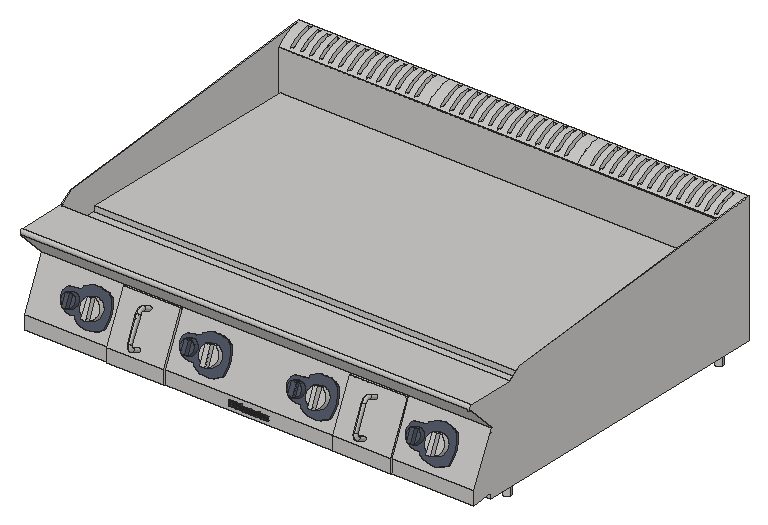
Revit family "QF_ELECTROLUXPROFESSIONAL_391405_E9IIMDAOMIA", category Specialty Equipment, Revit 2018
Family settings
  Round Connector Dimension = Use Diameter
  Part Type = Normal
  Work Plane-Based = No
  Always vertical = Yes
  Cut with Voids When Loaded = No
  Shared = No
  Room Calculation Point = No
Parameters
  Width = 1200 mm
  Weight in Pounds = 150  # constant formula
  Watts = 0 W
  Volts = 400 V
  URL Cutsheet = "www.electrolux.com"
  URL = "www.electrolux.com"
  Type Mark [instance] = ""
  Status [instance] = ""
  Specification by User [instance] = ""
  Specification by Manufacturer = ""
  Show Logo [instance] = yes
  Show Clearance [instance] = yes
  Serial Number = ""
  Seismic Rating = ""
  SMACNA No = ""
  Revision Code [instance] = ""
  Phase = 3
  Omniclass Number and Title = ""
  Number of Poles = 1
  NAFEM Spec ID Number = ""
  Model = "391223"
  Min Ckt Ampacity [instance] = 0 A
  Max Overcurrent Protection = 0 A
  Masterspec = ""
  Manufacturer = "ELECTROLUX"
  Item Number [instance] = ""
  Installed By [instance] = ""
  Identify Quantity as Lot [instance] = yes
  HP = "26.8 HP"
  Furnished By [instance] = ""
  Foodservice Equipment Identifier [instance] = yes
  FL Amps = if(Phase = 3, Watts / (Volts * 1.73), Watts / Volts)  # 0 A
  Electrical Remarks = "400 V/3N ph/50/60 Hz"  # constant formula
  Electric Connection Type [instance] = ""
  Elec Conn RI Height [instance] = 0 mm
  Elec Conn Connection Height [instance] = 0 mm
  Direct Waste Size = 0"
  Description = "900XP ELECTRIC FRY TOP, 2/3 SMOOTH - 1/3 RIBBED SLOPED PLATE, MILD STEEL HP - 1200MM"
  Depth = 930 mm
  Cycle = if([60 Hertz Option], 60 Hz, 50 Hz)  # 50 Hz
  Conn Plug = ""
  Conn Conduit = yes
  CSI MasterFormat = ""
  CSI Master Format = ""
  Apparent Power = if(Phase = 3, Volts * FL Amps * 1.73, Volts * FL Amps)  # 0 VA
  60 Hertz Option = not([50 Hertz Option])  # no
  50 Hertz Option = yes
Reference planes
  plane 1 "BACK": y = 0
  plane 2: z = 0
  plane 3 "LEFT": x = 0
  plane 4 "RIGHT": x = 1200
  plane 5 "FRONT": y = -930
  plane 6 "TOP": z = 369
  plane 7 "Center Y": x = 600
  plane 8 "Center X": y = -465
  plane 9: z = 24
  plane 10: x = 1189
  plane 11: x = 11
  plane 12: z = 275
  plane 13: y = -82
  plane 14: y = -790
  plane 15: x = 8
  plane 16: x = 1192
  plane 17: y = -1106
  plane 18: y = -740
  plane 19: y = -654
  plane 20: y = -50
Forms (mm)
  Extrusion 1, solid, material "QF_Finishes_Stainless Steel"
    sketch origin (0, 0, 0) x (0, 1, 0) y (0, 0, 1)
      loop
        line (-795, 275) -> (-922.639, 275)
        arc (-922.639, 275) -> (-929.44, 270.456) -> (-927.844, 262.434) r 7.361
        line (-927.844, 262.434) -> (-857.044, 191.634) -> (-915, 65.714) -> (-915, 30.922) -> (-860.028, 36.7) -> (-860.028, 24) -> (0, 24) -> (0, 215) -> (-795, 215) -> (-795, 275)
    from 0 to 1200
  Extrusion 2, solid, material "QF_Finishes_Stainless Steel"
    sketch origin (0, 0, 0) x (1, 0, 0) y (0, 1, 0)
      loop
        circle (11, -82) r 9.525
      loop
        circle (11, -790) r 9.525
      loop
        circle (1189, -82) r 9.525
      loop
        circle (1189, -790) r 9.525
    from 0 to 24
  Extrusion 3, solid, material "QF_Finishes_Navy Blue", visible <- "Show Logo"
    sketch origin (201.023, -915, 33.59) x (0, 0, 1) y (-1, 0, 0)
      loop
        line (20.486, -355.047) -> (8.12, -355.047)
        arc (8.12, -355.047) -> (14.303, -359.618) -> (20.486, -355.047) r 6.467
      loop
        arc (20.486, -354.418) -> (19.317, -349.275) -> (14.662, -346.797) r 6.338
        line (14.662, -346.797) -> (14.662, -348.843)
        arc (14.662, -348.843) -> (16.145, -352.498) -> (19.591, -354.418) r 5.941
        line (19.591, -354.418) -> (20.486, -354.418)
      loop
        arc (9.015, -354.418) -> (12.461, -352.498) -> (13.945, -348.843) r 5.941
        line (13.945, -348.843) -> (13.945, -346.797)
        arc (13.945, -346.797) -> (9.25, -349.271) -> (7.961, -354.418) r 6.504
        line (7.961, -354.418) -> (9.015, -354.418)
      loop
        line (21.161, -346.328) -> (7.417, -346.328) -> (7.417, -360.091) -> (21.161, -360.091) -> (21.161, -346.328)
      loop
        arc (21.245, -363.058) -> (20.897, -362.701) -> (20.53, -363.039) r 0.358
        arc (20.53, -363.039) -> (20.216, -363.789) -> (19.499, -364.174) r 1.216
        line (19.499, -364.174) -> (9.087, -364.174)
        arc (9.087, -364.174) -> (8.427, -363.896) -> (8.031, -363.3) r 1.238
        arc (8.031, -363.3) -> (7.636, -363.049) -> (7.33, -363.403) r 0.358
        line (7.33, -363.403) -> (7.33, -373.282) -> (10.081, -373.282) -> (10.081, -372.385)
        arc (10.081, -372.385) -> (9.172, -371.805) -> (8.717, -370.828) r 1.928
        line (8.717, -370.828) -> (8.717, -368.329)
        arc (8.717, -368.329) -> (8.992, -367.6) -> (9.681, -367.236) r 1.101
        line (9.681, -367.236) -> (13.767, -367.236) -> (13.767, -370.909)
        arc (13.767, -370.909) -> (13.415, -371.407) -> (12.849, -371.634) r 1.083
        arc (12.849, -371.634) -> (12.586, -371.94) -> (12.878, -372.218) r 0.292
        line (12.878, -372.218) -> (15.84, -372.218)
        arc (15.84, -372.218) -> (16.143, -371.945) -> (15.904, -371.615) r 0.305
        arc (15.904, -371.615) -> (15.414, -371.367) -> (15.109, -370.909) r 1.083
        line (15.109, -370.909) -> (15.109, -367.236) -> (19.786, -367.236) -> (19.786, -370.983)
        arc (19.786, -370.983) -> (19.572, -371.739) -> (18.965, -372.237) r 1.314
        arc (18.965, -372.237) -> (18.746, -372.641) -> (19.101, -372.933) r 0.361
        line (19.101, -372.933) -> (21.245, -372.933) -> (21.245, -363.058)
      loop
        arc (20.528, -373.714) -> (20.147, -374.633) -> (19.229, -375.013) r 1.299
        line (19.229, -375.013) -> (9.65, -375.013)
        arc (9.65, -375.013) -> (8.812, -374.635) -> (8.54, -373.757) r 1.118
        line (8.54, -373.757) -> (7.33, -373.757) -> (7.33, -379.107) -> (8.519, -379.107)
        arc (8.519, -379.107) -> (8.79, -378.19) -> (9.66, -377.794) r 1.153
        line (9.66, -377.794) -> (21.733, -377.794) -> (20.528, -373.714)
      loop
        line (12.295, -381.743) -> (12.295, -388.191) -> (13.094, -388.191)
        arc (13.094, -388.191) -> (15.675, -387.206) -> (16.943, -384.752) r 3.874
        line (16.943, -384.752) -> (16.943, -382.992)
        arc (16.943, -382.992) -> (15.757, -380.127) -> (12.892, -378.941) r 4.051
        line (12.892, -378.941) -> (10.884, -378.941)
        arc (10.884, -378.941) -> (8.066, -380.426) -> (7.014, -383.433) r 4.352
        arc (7.014, -383.433) -> (7.378, -385.896) -> (8.756, -387.97) r 5.713
        line (8.756, -387.97) -> (9.705, -387.97)
        arc (9.705, -387.97) -> (8.972, -386.401) -> (8.756, -384.683) r 5.579
        arc (8.756, -384.683) -> (9.55, -382.72) -> (11.429, -381.743) r 3.057
        line (11.429, -381.743) -> (12.295, -381.743)
      loop
        line (13.554, -381.743) -> (13.554, -385.325)
        arc (13.554, -385.325) -> (15.011, -385.372) -> (15.894, -384.213) r 1.59
        line (15.894, -384.213) -> (15.894, -383.383)
        arc (15.894, -383.383) -> (15.03, -382.128) -> (13.554, -381.743) r 2.184
      loop
        arc (16.345, -397.608) -> (16.834, -395.934) -> (16.992, -394.197) r 9.023
        line (16.992, -394.197) -> (16.992, -392.835)
        arc (16.992, -392.835) -> (15.832, -390.035) -> (13.033, -388.876) r 3.959
        line (13.033, -388.876) -> (10.432, -388.876)
        arc (10.432, -388.876) -> (8.151, -390.168) -> (7.033, -392.541) r 4.331
        line (7.033, -392.541) -> (7.033, -394.676)
        arc (7.033, -394.676) -> (7.542, -396.226) -> (8.463, -397.572) r 5.772
        arc (8.463, -397.572) -> (9.225, -397.623) -> (9.311, -396.864) r 0.553
        arc (9.311, -396.864) -> (8.924, -396.13) -> (8.79, -395.311) r 2.573
        line (8.79, -395.311) -> (8.79, -393.796)
        arc (8.79, -393.796) -> (9.796, -392.154) -> (11.61, -391.512) r 2.884
        line (11.61, -391.512) -> (12.889, -391.512)
        arc (12.889, -391.512) -> (14.71, -392.072) -> (15.637, -393.737) r 2.554
        line (15.637, -393.737) -> (15.637, -394.79)
        arc (15.637, -394.79) -> (15.305, -395.718) -> (14.648, -396.453) r 2.564
        arc (14.648, -396.453) -> (14.427, -397.17) -> (15.036, -397.608) r 0.643
        line (15.036, -397.608) -> (16.345, -397.608)
      loop
        line (15.327, -397.878) -> (15.327, -399.379) -> (9.279, -399.379)
        arc (9.279, -399.379) -> (7.691, -400.037) -> (7.033, -401.625) r 2.246
        line (7.033, -401.625) -> (7.033, -403.209)
        arc (7.033, -403.209) -> (7.347, -404.073) -> (7.848, -404.845) r 4.06
        arc (7.848, -404.845) -> (8.58, -404.978) -> (8.832, -404.277) r 0.576
        arc (8.832, -404.277) -> (8.726, -403.751) -> (8.79, -403.219) r 1.69
        arc (8.79, -403.219) -> (9.331, -402.431) -> (10.238, -402.128) r 1.506
        line (10.238, -402.128) -> (15.376, -402.128) -> (15.376, -404.525) -> (15.932, -405.081) -> (16.754, -405.081) -> (16.754, -402.222) -> (19.985, -402.222) -> (15.327, -397.878)
      loop
        line (7.251, -405.979) -> (7.251, -411.366) -> (8.361, -411.366)
        arc (8.361, -411.366) -> (8.755, -410.415) -> (9.706, -410.021) r 1.345
        line (9.706, -410.021) -> (13.322, -410.021)
        arc (13.322, -410.021) -> (14.087, -410.613) -> (14.376, -411.535) r 1.615
        line (14.376, -411.535) -> (14.376, -413.091) -> (16.932, -413.776) -> (16.932, -412.393) -> (14.989, -409.834) -> (16.87, -409.834) -> (16.585, -407.128)
        arc (16.585, -407.128) -> (16.146, -406.598) -> (15.487, -406.799) r 0.621
        arc (15.487, -406.799) -> (15.086, -407.141) -> (14.592, -407.324) r 1.501
        line (14.592, -407.324) -> (9.706, -407.324)
        arc (9.706, -407.324) -> (8.755, -406.93) -> (8.361, -405.979) r 1.345
        line (8.361, -405.979) -> (7.251, -405.979)
      loop
        line (13.353, -413.313) -> (10.66, -413.313)
        arc (10.66, -413.313) -> (8.215, -414.621) -> (7.081, -417.151) r 4.288
        arc (7.081, -417.151) -> (7.018, -418.532) -> (7.081, -419.912) r 15.022
        arc (7.081, -419.912) -> (8.215, -422.443) -> (10.66, -423.75) r 4.288
        line (10.66, -423.75) -> (13.353, -423.75)
        arc (13.353, -423.75) -> (15.798, -422.443) -> (16.932, -419.912) r 4.288
        arc (16.932, -419.912) -> (16.996, -418.532) -> (16.932, -417.151) r 15.022
        arc (16.932, -417.151) -> (15.798, -414.621) -> (13.353, -413.313) r 4.288
      loop
        line (13.557, -416.427) -> (10.456, -416.427)
        arc (10.456, -416.427) -> (8.299, -418.584) -> (10.456, -420.741) r 2.157
        line (10.456, -420.741) -> (13.557, -420.741)
        arc (13.557, -420.741) -> (15.714, -418.584) -> (13.557, -416.427) r 2.157
      loop
        arc (20.538, -423.608) -> (20.168, -424.502) -> (19.274, -424.873) r 1.264
        line (19.274, -424.873) -> (9.409, -424.873)
        arc (9.409, -424.873) -> (8.539, -424.476) -> (8.268, -423.56) r 1.153
        line (8.268, -423.56) -> (7.33, -423.56) -> (7.33, -428.668) -> (8.259, -428.668)
        arc (8.259, -428.668) -> (8.618, -427.896) -> (9.409, -427.581) r 1.153
        line (9.409, -427.581) -> (21.733, -427.581) -> (20.538, -423.608)
      loop
        arc (15.658, -428.206) -> (15.459, -429.27) -> (14.49, -429.752) r 1.215
        line (14.49, -429.752) -> (9.47, -429.752)
        arc (9.47, -429.752) -> (7.856, -430.399) -> (7.135, -431.982) r 2.338
        line (7.135, -431.982) -> (7.135, -433.497)
        arc (7.135, -433.497) -> (7.309, -434.501) -> (7.812, -435.387) r 2.979
        line (7.812, -435.387) -> (7.33, -437.184) -> (7.33, -438.872) -> (16.756, -438.872) -> (16.462, -434.669) -> (15.675, -434.669)
        arc (15.675, -434.669) -> (15.32, -435.505) -> (14.567, -436.014) r 1.605
        line (14.567, -436.014) -> (9.465, -436.014)
        arc (9.465, -436.014) -> (9.044, -435.077) -> (8.972, -434.053) r 2.94
        arc (8.972, -434.053) -> (9.532, -432.952) -> (10.686, -432.509) r 1.724
        line (10.686, -432.509) -> (16.882, -432.509) -> (15.658, -428.206)
      loop
        line (16.687, -439.726) -> (15.014, -441.772) -> (11.841, -444.078) -> (8.384, -440.966)
        arc (8.384, -440.966) -> (8.147, -440.572) -> (8.169, -440.113) r 0.789
        line (8.169, -440.113) -> (7.33, -440.113) -> (7.33, -443.658) -> (8.157, -443.658)
        arc (8.157, -443.658) -> (8.499, -443.296) -> (8.989, -443.388) r 0.52
        line (8.989, -443.388) -> (10.789, -444.859) -> (8.67, -446.235)
        arc (8.67, -446.235) -> (8.269, -445.925) -> (8.183, -445.425) r 0.7
        line (8.183, -445.425) -> (7.33, -445.425) -> (7.33, -451.352) -> (8.217, -451.352)
        arc (8.217, -451.352) -> (8.284, -450.693) -> (8.679, -450.162) r 1.247
        line (8.679, -450.162) -> (12.878, -446.881) -> (15.326, -448.934) -> (16.687, -450.676) -> (16.687, -446.952) -> (15.202, -447.375) -> (13.68, -446.098) -> (15.38, -444.908) -> (16.687, -445.684) -> (16.687, -439.726)
    from 0 to 1.644
  Extrusion 4, solid, material "QF_Finishes_Stainless Steel"
    sketch origin (0, 0, 0) x (0, 1, 0) y (0, 0, 1)
      loop
        line (0, 215) -> (0, 369) -> (-761.596, 296.916) -> (-795, 275) -> (-795, 215) -> (0, 215)
    from 0 to 1.6
  Extrusion 5, solid, material "QF_Finishes_Stainless Steel"
    sketch origin (1200, 0, 0) x (0, -1, 0) y (0, 0, 1)
      loop
        line (0, 215) -> (795, 215) -> (795, 275) -> (761.596, 296.916) -> (0, 369) -> (0, 215)
    from 0 to 1.6
  Extrusion 6, solid, material "QF_Finishes_Stainless Steel"
    sketch origin (0, 0, 37.263) x (0, 1, 0) y (0, 0, 1)
      loop
        line (0, 300.038) -> (0, 331.738)
        arc (0, 331.738) -> (-37.941, 322.534) -> (-69.85, 300.038) r 104.419
        line (-69.85, 300.038) -> (0, 300.038)
    from 0 to 400.05
  Extrusion 7, void
    sketch origin (0, 0, 311.9) x (0, -1, 0) y (1, 0, 0)
      loop
        line (6.761, 29.703) -> (63.911, 29.703) -> (63.911, 38.999) -> (6.761, 38.999) -> (6.761, 29.703)
      loop
        line (63.911, 64.487) -> (6.761, 64.487) -> (6.761, 55.191) -> (63.911, 55.191) -> (63.911, 64.487)
      loop
        line (63.911, 89.975) -> (6.761, 89.975) -> (6.761, 80.68) -> (63.911, 80.68) -> (63.911, 89.975)
      loop
        line (63.911, 115.464) -> (6.761, 115.464) -> (6.761, 106.168) -> (63.911, 106.168) -> (63.911, 115.464)
      loop
        line (63.911, 140.952) -> (6.761, 140.952) -> (6.761, 131.656) -> (63.911, 131.656) -> (63.911, 140.952)
      loop
        line (63.911, 166.44) -> (6.761, 166.44) -> (6.761, 157.145) -> (63.911, 157.145) -> (63.911, 166.44)
      loop
        line (63.911, 191.929) -> (6.761, 191.929) -> (6.761, 182.633) -> (63.911, 182.633) -> (63.911, 191.929)
      loop
        line (63.911, 217.417) -> (6.761, 217.417) -> (6.761, 208.121) -> (63.911, 208.121) -> (63.911, 217.417)
      loop
        line (63.911, 242.905) -> (6.761, 242.905) -> (6.761, 233.61) -> (63.911, 233.61) -> (63.911, 242.905)
      loop
        line (63.911, 268.394) -> (6.761, 268.394) -> (6.761, 259.098) -> (63.911, 259.098) -> (63.911, 268.394)
      loop
        line (63.911, 293.882) -> (6.761, 293.882) -> (6.761, 284.586) -> (63.911, 284.586) -> (63.911, 293.882)
      loop
        line (63.911, 319.37) -> (6.761, 319.37) -> (6.761, 310.075) -> (63.911, 310.075) -> (63.911, 319.37)
      loop
        line (63.911, 344.859) -> (6.761, 344.859) -> (6.761, 335.563) -> (63.911, 335.563) -> (63.911, 344.859)
      loop
        line (63.911, 370.347) -> (6.761, 370.347) -> (6.761, 361.051) -> (63.911, 361.051) -> (63.911, 370.347)
    from 27.825 to 63.5
  Extrusion 8, solid, material "QF_Finishes_Stainless Steel"
    sketch origin (400.05, 0, 37.263) x (0, 1, 0) y (0, 0, 1)
      loop
        line (0, 300.038) -> (0, 331.738)
        arc (0, 331.738) -> (-37.941, 322.534) -> (-69.85, 300.038) r 104.419
        line (-69.85, 300.038) -> (0, 300.038)
    from 0 to 400.05
  Extrusion 9, void
    sketch origin (400.05, 0, 311.9) x (0, -1, 0) y (1, 0, 0)
      loop
        line (6.761, 29.703) -> (63.911, 29.703) -> (63.911, 38.999) -> (6.761, 38.999) -> (6.761, 29.703)
      loop
        line (63.911, 64.487) -> (6.761, 64.487) -> (6.761, 55.191) -> (63.911, 55.191) -> (63.911, 64.487)
      loop
        line (63.911, 89.975) -> (6.761, 89.975) -> (6.761, 80.68) -> (63.911, 80.68) -> (63.911, 89.975)
      loop
        line (63.911, 115.464) -> (6.761, 115.464) -> (6.761, 106.168) -> (63.911, 106.168) -> (63.911, 115.464)
      loop
        line (63.911, 140.952) -> (6.761, 140.952) -> (6.761, 131.656) -> (63.911, 131.656) -> (63.911, 140.952)
      loop
        line (63.911, 166.44) -> (6.761, 166.44) -> (6.761, 157.145) -> (63.911, 157.145) -> (63.911, 166.44)
      loop
        line (63.911, 191.929) -> (6.761, 191.929) -> (6.761, 182.633) -> (63.911, 182.633) -> (63.911, 191.929)
      loop
        line (63.911, 217.417) -> (6.761, 217.417) -> (6.761, 208.121) -> (63.911, 208.121) -> (63.911, 217.417)
      loop
        line (63.911, 242.905) -> (6.761, 242.905) -> (6.761, 233.61) -> (63.911, 233.61) -> (63.911, 242.905)
      loop
        line (63.911, 268.394) -> (6.761, 268.394) -> (6.761, 259.098) -> (63.911, 259.098) -> (63.911, 268.394)
      loop
        line (63.911, 293.882) -> (6.761, 293.882) -> (6.761, 284.586) -> (63.911, 284.586) -> (63.911, 293.882)
      loop
        line (63.911, 319.37) -> (6.761, 319.37) -> (6.761, 310.075) -> (63.911, 310.075) -> (63.911, 319.37)
      loop
        line (63.911, 344.859) -> (6.761, 344.859) -> (6.761, 335.563) -> (63.911, 335.563) -> (63.911, 344.859)
      loop
        line (63.911, 370.347) -> (6.761, 370.347) -> (6.761, 361.051) -> (63.911, 361.051) -> (63.911, 370.347)
    from 27.825 to 63.5
  Extrusion 10, solid, material "QF_Finishes_Stainless Steel"
    sketch origin (800.1, 0, 37.263) x (0, 1, 0) y (0, 0, 1)
      loop
        line (0, 300.038) -> (0, 331.738)
        arc (0, 331.738) -> (-37.941, 322.534) -> (-69.85, 300.038) r 104.419
        line (-69.85, 300.038) -> (0, 300.038)
    from 0 to 399.9
  Extrusion 11, void
    sketch origin (800.1, 0, 311.9) x (0, -1, 0) y (1, 0, 0)
      loop
        line (6.761, 29.703) -> (63.911, 29.703) -> (63.911, 38.999) -> (6.761, 38.999) -> (6.761, 29.703)
      loop
        line (63.911, 64.487) -> (6.761, 64.487) -> (6.761, 55.191) -> (63.911, 55.191) -> (63.911, 64.487)
      loop
        line (63.911, 89.975) -> (6.761, 89.975) -> (6.761, 80.68) -> (63.911, 80.68) -> (63.911, 89.975)
      loop
        line (63.911, 115.464) -> (6.761, 115.464) -> (6.761, 106.168) -> (63.911, 106.168) -> (63.911, 115.464)
      loop
        line (63.911, 140.952) -> (6.761, 140.952) -> (6.761, 131.656) -> (63.911, 131.656) -> (63.911, 140.952)
      loop
        line (63.911, 166.44) -> (6.761, 166.44) -> (6.761, 157.145) -> (63.911, 157.145) -> (63.911, 166.44)
      loop
        line (63.911, 191.929) -> (6.761, 191.929) -> (6.761, 182.633) -> (63.911, 182.633) -> (63.911, 191.929)
      loop
        line (63.911, 217.417) -> (6.761, 217.417) -> (6.761, 208.121) -> (63.911, 208.121) -> (63.911, 217.417)
      loop
        line (63.911, 242.905) -> (6.761, 242.905) -> (6.761, 233.61) -> (63.911, 233.61) -> (63.911, 242.905)
      loop
        line (63.911, 268.394) -> (6.761, 268.394) -> (6.761, 259.098) -> (63.911, 259.098) -> (63.911, 268.394)
      loop
        line (63.911, 293.882) -> (6.761, 293.882) -> (6.761, 284.586) -> (63.911, 284.586) -> (63.911, 293.882)
      loop
        line (63.911, 319.37) -> (6.761, 319.37) -> (6.761, 310.075) -> (63.911, 310.075) -> (63.911, 319.37)
      loop
        line (63.911, 344.859) -> (6.761, 344.859) -> (6.761, 335.563) -> (63.911, 335.563) -> (63.911, 344.859)
      loop
        line (63.911, 370.347) -> (6.761, 370.347) -> (6.761, 361.051) -> (63.911, 361.051) -> (63.911, 370.347)
    from 27.825 to 63.5
  Extrusion 12, solid, material "QF_Finishes_Stainless Steel"
    sketch origin (0, 0, 0) x (0, 1, 0) y (0, 0, 1)
      loop
        line (-71.515, 230) -> (-689.956, 230) -> (-689.956, 215) -> (-71.515, 215) -> (-71.515, 230)
    from 8 to 1192
  Extrusion 13, solid, material "QF_Finishes_Stainless Steel"
    sketch origin (0, -795, 215) x (0, 1, 0) y (-1, 0, 0)
      loop
        line (795, -1.6) -> (723.485, -1.6) -> (723.485, -1198.4) -> (795, -1198.4) -> (795, -1.6)
    from 0 to 122.3
  Extrusion 14, solid, material "QF_Finishes_Stainless Steel"
    sketch origin (221.15, -201.228, -3.289) x (0, 1, 0) y (0, 0, 1)
      loop
        line (-657.416, 191.447) -> (-660.323, 192.784) -> (-716.972, 69.704) -> (-716.972, 34.211) -> (-713.772, 34.211) -> (-713.772, 69.003) -> (-657.416, 191.447)
    from 0 to 153.85
  Extrusion 15, solid, material "QF_Door-Drawer Clearances", visible <- "Show Clearance", detail levels coarse
    sketch origin (221.15, -201.228, -3.289) x (0, 1, 0) y (0, 0, 1)
      loop
        line (-660.323, 192.784) -> (-823.717, 192.784) -> (-880.366, 69.704) -> (-880.366, 34.211) -> (-716.972, 34.211) -> (-716.972, 69.704) -> (-660.323, 192.784)
    from 0 to 153.85
  Extrusion 16, solid, material "QF_Finishes_Stainless Steel"
    sketch origin (978.85, -201.228, -3.289) x (0, 1, 0) y (0, 0, -1)
      loop
        line (-657.416, -191.447) -> (-713.772, -69.003) -> (-713.772, -34.211) -> (-716.972, -34.211) -> (-716.972, -69.704) -> (-660.323, -192.784) -> (-657.416, -191.447)
    from 0 to 153.85
  Extrusion 17, solid, material "QF_Door-Drawer Clearances", visible <- "Show Clearance", detail levels coarse
    sketch origin (978.85, -201.228, -3.289) x (0, 1, 0) y (0, 0, -1)
      loop
        line (-660.323, -192.784) -> (-716.972, -69.704) -> (-716.972, -34.211) -> (-880.366, -34.211) -> (-880.366, -69.704) -> (-823.717, -192.784) -> (-660.323, -192.784)
    from 0 to 153.85
  Extrusion 18, solid, material "QF_Finishes_Navy Blue"
    sketch origin (-58.715, -915.512, 64.603) x (0, 0.418102, 0.9084) y (-1, 0, 0)
      loop
        arc (104.355, -502.587) -> (101.326, -501.258) -> (98.25, -500.039) r 91.066
        arc (98.25, -500.039) -> (96.592, -482.449) -> (93.213, -465.107) r 179.528
        arc (93.213, -465.107) -> (69.244, -452.795) -> (45.274, -465.107) r 29.489
        arc (45.274, -465.107) -> (38.909, -481.441) -> (37.449, -498.912) r 61.044
        arc (37.449, -498.912) -> (34.471, -499.962) -> (31.532, -501.116) r 91.066
        arc (31.532, -501.116) -> (19.517, -540.223) -> (32.929, -578.873) r 65.817
        arc (32.929, -578.873) -> (68.105, -585.173) -> (102.996, -577.452) r 91.066
        arc (102.996, -577.452) -> (115.418, -540.233) -> (104.355, -502.587) r 65.546
    from 0 to 3.175
  Extrusion 19, solid, material "QF_Finishes_Stainless Steel"
    sketch origin (320.035, -919.225, 64.128) x (0, 0.418102, 0.9084) y (-1, 0, 0)
      loop
        circle (68.826, -160.963) r 25.4
    from 0 to 12.7
  Extrusion 20, solid, material "QF_Finishes_Stainless Steel"
    sketch origin (320.035, -930.762, 69.438) x (0, 0.418102, 0.9084) y (-1, 0, 0)
      loop
        arc (93.558, -166.749) -> (94.226, -160.963) -> (93.558, -155.177) r 25.4
        line (93.558, -155.177) -> (44.094, -155.177)
        arc (44.094, -155.177) -> (43.426, -160.963) -> (44.094, -166.749) r 25.4
        line (44.094, -166.749) -> (93.558, -166.749)
    from 0 to 12.7
  Extrusion 21, solid, material "QF_Finishes_Navy Blue"
    sketch origin (262.535, -919.225, 64.128) x (0, 0.418102, 0.9084) y (-1, 0, 0)
      loop
        circle (68.826, -160.963) r 18.37
    from 0 to 12.7
  Extrusion 22, solid, material "QF_Finishes_Navy Blue"
    sketch origin (261.244, -930.762, 69.438) x (0, 0.418102, 0.9084) y (-1, 0, 0)
      loop
        arc (84.808, -167.687) -> (85.476, -161.901) -> (84.808, -156.114) r 25.4
        line (84.808, -156.114) -> (52.844, -156.114)
        arc (52.844, -156.114) -> (52.176, -161.901) -> (52.844, -167.687) r 25.4
        line (52.844, -167.687) -> (84.808, -167.687)
    from 0 to 8.112
  Extrusion 23, solid, material "QF_Finishes_Navy Blue"
    sketch origin (-376.215, -915.512, 64.603) x (0, 0.418102, 0.9084) y (-1, 0, 0)
      loop
        arc (104.355, -502.587) -> (101.326, -501.258) -> (98.25, -500.039) r 91.066
        arc (98.25, -500.039) -> (96.592, -482.449) -> (93.213, -465.107) r 179.528
        arc (93.213, -465.107) -> (69.244, -452.795) -> (45.274, -465.107) r 29.489
        arc (45.274, -465.107) -> (38.909, -481.441) -> (37.449, -498.912) r 61.044
        arc (37.449, -498.912) -> (34.471, -499.962) -> (31.532, -501.116) r 91.066
        arc (31.532, -501.116) -> (19.517, -540.223) -> (32.929, -578.873) r 65.817
        arc (32.929, -578.873) -> (68.105, -585.173) -> (102.996, -577.452) r 91.066
        arc (102.996, -577.452) -> (115.418, -540.233) -> (104.355, -502.587) r 65.546
    from 0 to 3.175
  Extrusion 24, solid, material "QF_Finishes_Stainless Steel"
    sketch origin (2.535, -919.225, 64.128) x (0, 0.418102, 0.9084) y (-1, 0, 0)
      loop
        circle (68.826, -160.963) r 25.4
    from 0 to 12.7
  Extrusion 25, solid, material "QF_Finishes_Stainless Steel"
    sketch origin (2.535, -930.762, 69.438) x (0, 0.418102, 0.9084) y (-1, 0, 0)
      loop
        arc (93.558, -166.749) -> (94.226, -160.963) -> (93.558, -155.177) r 25.4
        line (93.558, -155.177) -> (44.094, -155.177)
        arc (44.094, -155.177) -> (43.426, -160.963) -> (44.094, -166.749) r 25.4
        line (44.094, -166.749) -> (93.558, -166.749)
    from 0 to 12.7
  Extrusion 26, solid, material "QF_Finishes_Navy Blue"
    sketch origin (-54.965, -919.225, 64.128) x (0, 0.418102, 0.9084) y (-1, 0, 0)
      loop
        circle (68.826, -160.963) r 18.37
    from 0 to 12.7
  Extrusion 27, solid, material "QF_Finishes_Navy Blue"
    sketch origin (-56.256, -930.762, 69.438) x (0, 0.418102, 0.9084) y (-1, 0, 0)
      loop
        arc (84.808, -167.687) -> (85.476, -161.901) -> (84.808, -156.114) r 25.4
        line (84.808, -156.114) -> (52.844, -156.114)
        arc (52.844, -156.114) -> (52.176, -161.901) -> (52.844, -167.687) r 25.4
        line (52.844, -167.687) -> (84.808, -167.687)
    from 0 to 8.112
  Extrusion 28, solid, material "QF_Finishes_Navy Blue"
    sketch origin (545.135, -915.512, 64.603) x (0, 0.418102, 0.9084) y (-1, 0, 0)
      loop
        arc (104.355, -502.587) -> (101.326, -501.258) -> (98.25, -500.039) r 91.066
        arc (98.25, -500.039) -> (96.592, -482.449) -> (93.213, -465.107) r 179.528
        arc (93.213, -465.107) -> (69.244, -452.795) -> (45.274, -465.107) r 29.489
        arc (45.274, -465.107) -> (38.909, -481.441) -> (37.449, -498.912) r 61.044
        arc (37.449, -498.912) -> (34.471, -499.962) -> (31.532, -501.116) r 91.066
        arc (31.532, -501.116) -> (19.517, -540.223) -> (32.929, -578.873) r 65.817
        arc (32.929, -578.873) -> (68.105, -585.173) -> (102.996, -577.452) r 91.066
        arc (102.996, -577.452) -> (115.418, -540.233) -> (104.355, -502.587) r 65.546
    from 0 to 3.175
  Extrusion 29, solid, material "QF_Finishes_Stainless Steel"
    sketch origin (923.885, -919.225, 64.128) x (0, 0.418102, 0.9084) y (-1, 0, 0)
      loop
        circle (68.826, -160.963) r 25.4
    from 0 to 12.7
  Extrusion 30, solid, material "QF_Finishes_Stainless Steel"
    sketch origin (923.885, -930.762, 69.438) x (0, 0.418102, 0.9084) y (-1, 0, 0)
      loop
        arc (93.558, -166.749) -> (94.226, -160.963) -> (93.558, -155.177) r 25.4
        line (93.558, -155.177) -> (44.094, -155.177)
        arc (44.094, -155.177) -> (43.426, -160.963) -> (44.094, -166.749) r 25.4
        line (44.094, -166.749) -> (93.558, -166.749)
    from 0 to 12.7
  Extrusion 31, solid, material "QF_Finishes_Navy Blue"
    sketch origin (866.385, -919.225, 64.128) x (0, 0.418102, 0.9084) y (-1, 0, 0)
      loop
        circle (68.826, -160.963) r 18.37
    from 0 to 12.7
  Extrusion 32, solid, material "QF_Finishes_Navy Blue"
    sketch origin (865.094, -930.762, 69.438) x (0, 0.418102, 0.9084) y (-1, 0, 0)
      loop
        arc (84.808, -167.687) -> (85.476, -161.901) -> (84.808, -156.114) r 25.4
        line (84.808, -156.114) -> (52.844, -156.114)
        arc (52.844, -156.114) -> (52.176, -161.901) -> (52.844, -167.687) r 25.4
        line (52.844, -167.687) -> (84.808, -167.687)
    from 0 to 8.112
  Extrusion 33, solid, material "QF_Finishes_Navy Blue"
    sketch origin (227.635, -915.512, 64.603) x (0, 0.418102, 0.9084) y (-1, 0, 0)
      loop
        arc (104.355, -502.587) -> (101.326, -501.258) -> (98.25, -500.039) r 91.066
        arc (98.25, -500.039) -> (96.592, -482.449) -> (93.213, -465.107) r 179.528
        arc (93.213, -465.107) -> (69.244, -452.795) -> (45.274, -465.107) r 29.489
        arc (45.274, -465.107) -> (38.909, -481.441) -> (37.449, -498.912) r 61.044
        arc (37.449, -498.912) -> (34.471, -499.962) -> (31.532, -501.116) r 91.066
        arc (31.532, -501.116) -> (19.517, -540.223) -> (32.929, -578.873) r 65.817
        arc (32.929, -578.873) -> (68.105, -585.173) -> (102.996, -577.452) r 91.066
        arc (102.996, -577.452) -> (115.418, -540.233) -> (104.355, -502.587) r 65.546
    from 0 to 3.175
  Extrusion 34, solid, material "QF_Finishes_Stainless Steel"
    sketch origin (606.385, -919.225, 64.128) x (0, 0.418102, 0.9084) y (-1, 0, 0)
      loop
        circle (68.826, -160.963) r 25.4
    from 0 to 12.7
  Extrusion 35, solid, material "QF_Finishes_Stainless Steel"
    sketch origin (606.385, -930.762, 69.438) x (0, 0.418102, 0.9084) y (-1, 0, 0)
      loop
        arc (93.558, -166.749) -> (94.226, -160.963) -> (93.558, -155.177) r 25.4
        line (93.558, -155.177) -> (44.094, -155.177)
        arc (44.094, -155.177) -> (43.426, -160.963) -> (44.094, -166.749) r 25.4
        line (44.094, -166.749) -> (93.558, -166.749)
    from 0 to 12.7
  Extrusion 36, solid, material "QF_Finishes_Navy Blue"
    sketch origin (548.885, -919.225, 64.128) x (0, 0.418102, 0.9084) y (-1, 0, 0)
      loop
        circle (68.826, -160.963) r 18.37
    from 0 to 12.7
  Extrusion 37, solid, material "QF_Finishes_Navy Blue"
    sketch origin (547.594, -930.762, 69.438) x (0, 0.418102, 0.9084) y (-1, 0, 0)
      loop
        arc (84.808, -167.687) -> (85.476, -161.901) -> (84.808, -156.114) r 25.4
        line (84.808, -156.114) -> (52.844, -156.114)
        arc (52.844, -156.114) -> (52.176, -161.901) -> (52.844, -167.687) r 25.4
        line (52.844, -167.687) -> (84.808, -167.687)
    from 0 to 8.112
  Sweep 38, solid, material "QF_Door-Drawer Clearances", visible <- "Show Clearance", detail levels coarse
    path origin (298.65, -364.622, -3.289) x (0, 1, 0) y (0, 0, 1)
      loop
        line (-670.615, 170.424) -> (-691.243, 179.918)
        arc (-691.243, 179.918) -> (-700.956, 180.294) -> (-708.09, 173.692) r 12.7
        line (-708.09, 173.692) -> (-735.638, 113.839)
        arc (-735.638, 113.839) -> (-736.013, 104.126) -> (-729.411, 96.993) r 12.7
        line (-729.411, 96.993) -> (-708.782, 87.498)
    profile origin (298.65, -1045.551, 171.882) x (0, -0.418102, -0.9084) y (1, 0, 0)
      loop
        circle (0, 0) r 4.572
  Sweep 39, solid, material "QF_Door-Drawer Clearances", visible <- "Show Clearance", detail levels coarse
    path origin (901.35, -364.622, -3.289) x (0, 1, 0) y (0, 0, -1)
      loop
        line (-670.615, -170.424) -> (-691.243, -179.918)
        arc (-691.243, -179.918) -> (-700.956, -180.294) -> (-708.09, -173.692) r 12.7
        line (-708.09, -173.692) -> (-735.638, -113.839)
        arc (-735.638, -113.839) -> (-736.013, -104.126) -> (-729.411, -96.993) r 12.7
        line (-729.411, -96.993) -> (-708.782, -87.498)
    profile origin (901.35, -1045.551, 171.882) x (0, 0.418102, 0.9084) y (-1, 0, 0)
      loop
        circle (0, 0) r 4.572
  Extrusion 40, void
    sketch origin (0, 0, 0) x (1, 0, 0) y (0, 1, 0)
      loop
        circle (299.572, -743.936) r 20
      loop
        circle (900.428, -743.936) r 20
    from 174.463 to 215
  Extrusion 41, solid, material "QF_Clearances", visible <- "Show Clearance", detail levels coarse
    sketch origin (0, 0, 0) x (1, 0, 0) y (0, 1, 0)
      loop
        line (1200, -930) -> (1350, -930) -> (1350, 100) -> (-150, 100) -> (-150, -930) -> (0, -930) -> (0, 0) -> (1200, 0) -> (1200, -930)
    from 0 to 369
  Sweep 42, solid, material "QF_Finishes_Stainless Steel"
    path origin (298.65, -201.228, -3.289) x (0, 1, 0) y (0, 0, 1)
      loop
        line (-670.615, 170.424) -> (-691.243, 179.918)
        arc (-691.243, 179.918) -> (-700.956, 180.294) -> (-708.09, 173.692) r 12.7
        line (-708.09, 173.692) -> (-735.638, 113.839)
        arc (-735.638, 113.839) -> (-736.013, 104.126) -> (-729.411, 96.993) r 12.7
        line (-729.411, 96.993) -> (-708.782, 87.498)
    profile origin (298.65, -882.157, 171.882) x (0, -0.418102, -0.9084) y (1, 0, 0)
      loop
        circle (0, 0) r 4.572
  Sweep 43, solid, material "QF_Finishes_Stainless Steel"
    path origin (901.35, -201.228, -3.289) x (0, 1, 0) y (0, 0, -1)
      loop
        line (-670.615, -170.424) -> (-691.243, -179.918)
        arc (-691.243, -179.918) -> (-700.956, -180.294) -> (-708.09, -173.692) r 12.7
        line (-708.09, -173.692) -> (-735.638, -113.839)
        arc (-735.638, -113.839) -> (-736.013, -104.126) -> (-729.411, -96.993) r 12.7
        line (-729.411, -96.993) -> (-708.782, -87.498)
    profile origin (901.35, -882.157, 171.882) x (0, 0.418102, 0.9084) y (-1, 0, 0)
      loop
        circle (0, 0) r 4.572
  Revolve 44, solid, material "QF_Finishes_Stainless Steel"
    sketch origin (1153, 0, 41) x (0, 1, 0) y (0, 0, 1)
      loop
        line (0, 0) -> (35, 0) -> (35, 15) -> (10, 15) -> (10, 10) -> (0, 10) -> (0, 0)
      axis (0, 0) -> (35, 0)
    angle from 0 to 360
  Extrusion 45, solid, material "QF_Finishes_Stainless Steel"
    sketch origin (0, -101.6, 24) x (-1, 0, 0) y (0, 1, 0)
      loop
        circle (-1150, -552.4) r 12.7
      loop
        circle (-1150, 51.6) r 12.7
    from 0 to 5
Cuts and joins
  Extrusion 40 cuts Extrusion 1
  Extrusion 7, Extrusion 9 cuts Extrusion 6
  Extrusion 9, Extrusion 11 cuts Extrusion 8
  Extrusion 11 cuts Extrusion 10
  joined: Extrusion 1, Extrusion 4, Extrusion 5, Extrusion 6, Extrusion 8, Extrusion 10, Extrusion 13
Lines and regions (mm)
  symbolic lines
    curve 1: circle (299.572, -743.936, 0) r 20 normal (0, 0, 1)
    curve 2: circle (900.428, -743.936, 0) r 20 normal (0, 0, -1)
    curve 3: line (1200, -930, 0) -> (0, -930, 0)
    curve 4: line (0, 0, 0) -> (0, -930, 0)
    curve 5: line (1200, -930, 0) -> (1200, 0, 0)
    curve 6: line (1200, 0, 0) -> (0, 0, 0)
    curve 7: line (8, -689.956, 0) -> (1192, -689.956, 0)
    curve 8: line (1198.4, -795, 0) -> (1.6, -795, 0)
    curve 27: line (0, -71.515, 0) -> (1200, -71.515, 0)
    curve 28: line (1170.447, -63.911, 0) -> (1161.151, -63.911, 0)
    curve 29: line (1170.447, -6.761, 0) -> (1170.447, -63.911, 0)
    curve 30: line (1161.151, -6.761, 0) -> (1170.447, -6.761, 0)
    curve 31: line (1161.151, -63.911, 0) -> (1161.151, -6.761, 0)
    curve 32: line (1144.959, -63.911, 0) -> (1135.663, -63.911, 0)
    curve 33: line (1144.959, -6.761, 0) -> (1144.959, -63.911, 0)
    curve 34: line (1135.663, -6.761, 0) -> (1144.959, -6.761, 0)
    curve 35: line (1135.663, -63.911, 0) -> (1135.663, -6.761, 0)
    curve 36: line (1119.47, -63.911, 0) -> (1110.175, -63.911, 0)
    curve 37: line (1119.47, -6.761, 0) -> (1119.47, -63.911, 0)
    curve 38: line (1110.175, -6.761, 0) -> (1119.47, -6.761, 0)
    curve 39: line (1110.175, -63.911, 0) -> (1110.175, -6.761, 0)
    curve 40: line (1093.982, -63.911, 0) -> (1084.686, -63.911, 0)
    curve 41: line (1093.982, -6.761, 0) -> (1093.982, -63.911, 0)
    curve 42: line (1084.686, -6.761, 0) -> (1093.982, -6.761, 0)
    curve 43: line (1084.686, -63.911, 0) -> (1084.686, -6.761, 0)
    curve 44: line (1068.494, -63.911, 0) -> (1059.198, -63.911, 0)
    curve 45: line (1068.494, -6.761, 0) -> (1068.494, -63.911, 0)
    curve 46: line (1059.198, -6.761, 0) -> (1068.494, -6.761, 0)
    curve 47: line (1059.198, -63.911, 0) -> (1059.198, -6.761, 0)
    curve 48: line (1043.005, -63.911, 0) -> (1033.71, -63.911, 0)
    curve 49: line (1043.005, -6.761, 0) -> (1043.005, -63.911, 0)
    curve 50: line (1033.71, -6.761, 0) -> (1043.005, -6.761, 0)
    curve 51: line (1033.71, -63.911, 0) -> (1033.71, -6.761, 0)
    curve 52: line (1017.517, -63.911, 0) -> (1008.221, -63.911, 0)
    curve 53: line (1017.517, -6.761, 0) -> (1017.517, -63.911, 0)
    curve 54: line (1008.221, -6.761, 0) -> (1017.517, -6.761, 0)
    curve 55: line (1008.221, -63.911, 0) -> (1008.221, -6.761, 0)
    curve 56: line (992.029, -63.911, 0) -> (982.733, -63.911, 0)
    curve 57: line (992.029, -6.761, 0) -> (992.029, -63.911, 0)
    curve 58: line (982.733, -6.761, 0) -> (992.029, -6.761, 0)
    curve 59: line (982.733, -63.911, 0) -> (982.733, -6.761, 0)
    curve 60: line (966.54, -63.911, 0) -> (957.245, -63.911, 0)
    curve 61: line (966.54, -6.761, 0) -> (966.54, -63.911, 0)
    curve 62: line (957.245, -6.761, 0) -> (966.54, -6.761, 0)
    curve 63: line (957.245, -63.911, 0) -> (957.245, -6.761, 0)
    curve 64: line (941.052, -63.911, 0) -> (931.756, -63.911, 0)
    curve 65: line (941.052, -6.761, 0) -> (941.052, -63.911, 0)
    curve 66: line (931.756, -6.761, 0) -> (941.052, -6.761, 0)
    curve 67: line (931.756, -63.911, 0) -> (931.756, -6.761, 0)
    curve 68: line (915.564, -63.911, 0) -> (906.268, -63.911, 0)
    curve 69: line (915.564, -6.761, 0) -> (915.564, -63.911, 0)
    curve 70: line (906.268, -6.761, 0) -> (915.564, -6.761, 0)
    curve 71: line (906.268, -63.911, 0) -> (906.268, -6.761, 0)
    curve 72: line (890.075, -63.911, 0) -> (880.78, -63.911, 0)
    curve 73: line (890.075, -6.761, 0) -> (890.075, -63.911, 0)
    curve 74: line (880.78, -6.761, 0) -> (890.075, -6.761, 0)
    curve 75: line (880.78, -63.911, 0) -> (880.78, -6.761, 0)
    curve 76: line (864.587, -63.911, 0) -> (855.291, -63.911, 0)
    curve 77: line (864.587, -6.761, 0) -> (864.587, -63.911, 0)
    curve 78: line (855.291, -6.761, 0) -> (864.587, -6.761, 0)
    curve 79: line (855.291, -63.911, 0) -> (855.291, -6.761, 0)
    curve 80: line (839.099, -63.911, 0) -> (829.803, -63.911, 0)
    curve 81: line (839.099, -6.761, 0) -> (839.099, -63.911, 0)
    curve 82: line (829.803, -6.761, 0) -> (839.099, -6.761, 0)
    curve 83: line (829.803, -63.911, 0) -> (829.803, -6.761, 0)
    curve 84: line (770.397, -63.911, 0) -> (761.101, -63.911, 0)
    curve 85: line (770.397, -6.761, 0) -> (770.397, -63.911, 0)
    curve 86: line (761.101, -6.761, 0) -> (770.397, -6.761, 0)
    curve 87: line (761.101, -63.911, 0) -> (761.101, -6.761, 0)
    curve 88: line (744.909, -63.911, 0) -> (735.613, -63.911, 0)
    curve 89: line (744.909, -6.761, 0) -> (744.909, -63.911, 0)
    curve 90: line (735.613, -6.761, 0) -> (744.909, -6.761, 0)
    curve 91: line (735.613, -63.911, 0) -> (735.613, -6.761, 0)
    curve 92: line (719.42, -63.911, 0) -> (710.125, -63.911, 0)
    curve 93: line (719.42, -6.761, 0) -> (719.42, -63.911, 0)
    curve 94: line (710.125, -6.761, 0) -> (719.42, -6.761, 0)
    curve 95: line (710.125, -63.911, 0) -> (710.125, -6.761, 0)
    curve 96: line (693.932, -63.911, 0) -> (684.636, -63.911, 0)
    curve 97: line (693.932, -6.761, 0) -> (693.932, -63.911, 0)
    curve 98: line (684.636, -6.761, 0) -> (693.932, -6.761, 0)
    curve 99: line (684.636, -63.911, 0) -> (684.636, -6.761, 0)
    curve 100: line (668.444, -63.911, 0) -> (659.148, -63.911, 0)
    curve 101: line (668.444, -6.761, 0) -> (668.444, -63.911, 0)
    curve 102: line (659.148, -6.761, 0) -> (668.444, -6.761, 0)
    curve 103: line (659.148, -63.911, 0) -> (659.148, -6.761, 0)
    curve 104: line (642.955, -63.911, 0) -> (633.66, -63.911, 0)
    curve 105: line (642.955, -6.761, 0) -> (642.955, -63.911, 0)
    curve 106: line (633.66, -6.761, 0) -> (642.955, -6.761, 0)
    curve 107: line (633.66, -63.911, 0) -> (633.66, -6.761, 0)
    curve 108: line (617.467, -63.911, 0) -> (608.171, -63.911, 0)
    curve 109: line (617.467, -6.761, 0) -> (617.467, -63.911, 0)
    curve 110: line (608.171, -6.761, 0) -> (617.467, -6.761, 0)
    curve 111: line (608.171, -63.911, 0) -> (608.171, -6.761, 0)
    curve 112: line (591.979, -63.911, 0) -> (582.683, -63.911, 0)
    curve 113: line (591.979, -6.761, 0) -> (591.979, -63.911, 0)
    curve 114: line (582.683, -6.761, 0) -> (591.979, -6.761, 0)
    curve 115: line (582.683, -63.911, 0) -> (582.683, -6.761, 0)
    curve 116: line (566.49, -63.911, 0) -> (557.195, -63.911, 0)
    curve 117: line (566.49, -6.761, 0) -> (566.49, -63.911, 0)
    curve 118: line (557.195, -6.761, 0) -> (566.49, -6.761, 0)
    curve 119: line (557.195, -63.911, 0) -> (557.195, -6.761, 0)
    curve 120: line (541.002, -63.911, 0) -> (531.706, -63.911, 0)
    curve 121: line (541.002, -6.761, 0) -> (541.002, -63.911, 0)
    curve 122: line (531.706, -6.761, 0) -> (541.002, -6.761, 0)
    curve 123: line (531.706, -63.911, 0) -> (531.706, -6.761, 0)
    curve 124: line (515.514, -63.911, 0) -> (506.218, -63.911, 0)
    curve 125: line (515.514, -6.761, 0) -> (515.514, -63.911, 0)
    curve 126: line (506.218, -6.761, 0) -> (515.514, -6.761, 0)
    curve 127: line (506.218, -63.911, 0) -> (506.218, -6.761, 0)
    curve 128: line (490.025, -63.911, 0) -> (480.73, -63.911, 0)
    curve 129: line (490.025, -6.761, 0) -> (490.025, -63.911, 0)
    curve 130: line (480.73, -6.761, 0) -> (490.025, -6.761, 0)
    curve 131: line (480.73, -63.911, 0) -> (480.73, -6.761, 0)
    curve 132: line (464.537, -63.911, 0) -> (455.241, -63.911, 0)
    curve 133: line (464.537, -6.761, 0) -> (464.537, -63.911, 0)
    curve 134: line (455.241, -6.761, 0) -> (464.537, -6.761, 0)
    curve 135: line (455.241, -63.911, 0) -> (455.241, -6.761, 0)
    curve 136: line (439.049, -63.911, 0) -> (429.753, -63.911, 0)
    curve 137: line (439.049, -6.761, 0) -> (439.049, -63.911, 0)
    curve 138: line (429.753, -6.761, 0) -> (439.049, -6.761, 0)
    curve 139: line (429.753, -63.911, 0) -> (429.753, -6.761, 0)
    curve 140: line (370.347, -63.911, 0) -> (361.051, -63.911, 0)
    curve 141: line (370.347, -6.761, 0) -> (370.347, -63.911, 0)
    curve 142: line (361.051, -6.761, 0) -> (370.347, -6.761, 0)
    curve 143: line (361.051, -63.911, 0) -> (361.051, -6.761, 0)
    curve 144: line (344.859, -63.911, 0) -> (335.563, -63.911, 0)
    curve 145: line (344.859, -6.761, 0) -> (344.859, -63.911, 0)
    curve 146: line (335.563, -6.761, 0) -> (344.859, -6.761, 0)
    curve 147: line (335.563, -63.911, 0) -> (335.563, -6.761, 0)
    curve 148: line (319.37, -63.911, 0) -> (310.075, -63.911, 0)
    curve 149: line (319.37, -6.761, 0) -> (319.37, -63.911, 0)
    curve 150: line (310.075, -6.761, 0) -> (319.37, -6.761, 0)
    curve 151: line (310.075, -63.911, 0) -> (310.075, -6.761, 0)
    curve 152: line (293.882, -63.911, 0) -> (284.586, -63.911, 0)
    curve 153: line (293.882, -6.761, 0) -> (293.882, -63.911, 0)
    curve 154: line (284.586, -6.761, 0) -> (293.882, -6.761, 0)
    curve 155: line (284.586, -63.911, 0) -> (284.586, -6.761, 0)
    curve 156: line (268.394, -63.911, 0) -> (259.098, -63.911, 0)
    curve 157: line (268.394, -6.761, 0) -> (268.394, -63.911, 0)
    curve 158: line (259.098, -6.761, 0) -> (268.394, -6.761, 0)
    curve 159: line (259.098, -63.911, 0) -> (259.098, -6.761, 0)
    curve 160: line (242.905, -63.911, 0) -> (233.61, -63.911, 0)
    curve 161: line (242.905, -6.761, 0) -> (242.905, -63.911, 0)
    curve 162: line (233.61, -6.761, 0) -> (242.905, -6.761, 0)
    curve 163: line (233.61, -63.911, 0) -> (233.61, -6.761, 0)
    curve 164: line (217.417, -63.911, 0) -> (208.121, -63.911, 0)
    curve 165: line (217.417, -6.761, 0) -> (217.417, -63.911, 0)
    curve 166: line (208.121, -6.761, 0) -> (217.417, -6.761, 0)
    curve 167: line (208.121, -63.911, 0) -> (208.121, -6.761, 0)
    curve 168: line (191.929, -63.911, 0) -> (182.633, -63.911, 0)
    curve 169: line (191.929, -6.761, 0) -> (191.929, -63.911, 0)
    curve 170: line (182.633, -6.761, 0) -> (191.929, -6.761, 0)
    curve 171: line (182.633, -63.911, 0) -> (182.633, -6.761, 0)
    curve 172: line (166.44, -63.911, 0) -> (157.145, -63.911, 0)
    curve 173: line (166.44, -6.761, 0) -> (166.44, -63.911, 0)
    curve 174: line (157.145, -6.761, 0) -> (166.44, -6.761, 0)
    curve 175: line (157.145, -63.911, 0) -> (157.145, -6.761, 0)
    curve 176: line (140.952, -63.911, 0) -> (131.656, -63.911, 0)
    curve 177: line (140.952, -6.761, 0) -> (140.952, -63.911, 0)
    curve 178: line (131.656, -6.761, 0) -> (140.952, -6.761, 0)
    curve 179: line (131.656, -63.911, 0) -> (131.656, -6.761, 0)
    curve 180: line (115.464, -63.911, 0) -> (106.168, -63.911, 0)
    curve 181: line (115.464, -6.761, 0) -> (115.464, -63.911, 0)
    curve 182: line (106.168, -6.761, 0) -> (115.464, -6.761, 0)
    curve 183: line (106.168, -63.911, 0) -> (106.168, -6.761, 0)
    curve 184: line (89.975, -63.911, 0) -> (80.68, -63.911, 0)
    curve 185: line (89.975, -6.761, 0) -> (89.975, -63.911, 0)
    curve 186: line (80.68, -6.761, 0) -> (89.975, -6.761, 0)
    curve 187: line (80.68, -63.911, 0) -> (80.68, -6.761, 0)
    curve 188: line (64.487, -63.911, 0) -> (55.191, -63.911, 0)
    curve 189: line (64.487, -6.761, 0) -> (64.487, -63.911, 0)
    curve 190: line (55.191, -6.761, 0) -> (64.487, -6.761, 0)
    curve 191: line (55.191, -63.911, 0) -> (55.191, -6.761, 0)
    curve 192: line (38.999, -63.911, 0) -> (29.703, -63.911, 0)
    curve 193: line (38.999, -6.761, 0) -> (38.999, -63.911, 0)
    curve 194: line (29.703, -6.761, 0) -> (38.999, -6.761, 0)
    curve 195: line (29.703, -63.911, 0) -> (29.703, -6.761, 0)
  symbolic lines, style "QF_Door-Drawer Clearances"
    curve 9: line (221.15, -930, 0) -> (221.15, -1081.594, 0)
    curve 10: line (221.15, -1081.594, 0) -> (294.081, -1081.594, 0)
    curve 11: line (375, -1081.594, 0) -> (375, -930, 0)
    curve 12: spline (294.081, -1035.236, 0) -> (294.113, -1034.988, 0) -> (294.209, -1034.744, 0) -> (294.367, -1034.509, 0) -> (294.585, -1034.286, 0) -> (294.858, -1034.079, 0) -> (295.183, -1033.892, 0) -> (295.552, -1033.728, 0) -> (295.961, -1033.59, 0) -> (296.402, -1033.48, 0) -> (296.868, -1033.4, 0) -> (297.35, -1033.352, 0) -> (297.841, -1033.336, 0)
    curve 13: spline (297.841, -1033.336, 0) -> (298.509, -1033.314, 0) -> (299.178, -1033.332, 0) -> (299.834, -1033.388, 0) -> (300.463, -1033.483, 0) -> (301.053, -1033.614, 0) -> (301.591, -1033.778, 0) -> (302.067, -1033.972, 0) -> (302.47, -1034.193, 0) -> (302.792, -1034.434, 0) -> (303.028, -1034.692, 0) -> (303.171, -1034.961, 0) -> (303.219, -1035.236, 0)
    curve 14: line (294.081, -1035.236, 0) -> (294.081, -1101.431, 0)
    curve 15: line (303.219, -1035.236, 0) -> (303.219, -1101.431, 0)
    curve 16: arc (294.081, -1101.431, 0) -> (298.65, -1106, 0) -> (303.219, -1101.431, 0) r 4.569
    curve 17: line (303.219, -1081.594, 0) -> (375, -1081.594, 0)
    curve 18: line (825, -930, 0) -> (825, -1081.594, 0)
    curve 19: line (825, -1081.594, 0) -> (897.931, -1081.594, 0)
    curve 20: line (978.85, -1081.594, 0) -> (978.85, -930, 0)
    curve 21: spline (897.931, -1035.236, 0) -> (897.963, -1034.988, 0) -> (898.059, -1034.744, 0) -> (898.217, -1034.509, 0) -> (898.435, -1034.286, 0) -> (898.708, -1034.079, 0) -> (899.033, -1033.892, 0) -> (899.402, -1033.728, 0) -> (899.811, -1033.59, 0) -> (900.252, -1033.48, 0) -> (900.718, -1033.4, 0) -> (901.2, -1033.352, 0) -> (901.691, -1033.336, 0)
    curve 22: spline (901.691, -1033.336, 0) -> (902.359, -1033.314, 0) -> (903.028, -1033.332, 0) -> (903.684, -1033.388, 0) -> (904.313, -1033.483, 0) -> (904.903, -1033.614, 0) -> (905.441, -1033.778, 0) -> (905.917, -1033.972, 0) -> (906.32, -1034.193, 0) -> (906.642, -1034.434, 0) -> (906.878, -1034.692, 0) -> (907.021, -1034.961, 0) -> (907.069, -1035.236, 0)
    curve 23: line (897.931, -1035.236, 0) -> (897.931, -1101.431, 0)
    curve 24: line (907.069, -1035.236, 0) -> (907.069, -1101.431, 0)
    curve 25: arc (897.931, -1101.431, 0) -> (902.5, -1106, 0) -> (907.069, -1101.431, 0) r 4.569
    curve 26: line (907.069, -1081.594, 0) -> (978.85, -1081.594, 0)
  symbolic lines, style "QF_Clearances", visible <- "Show Clearance", detail levels coarse
    curve 196: line (1350, -930, 0) -> (1350, 100, 0)
    curve 197: line (1350, 100, 0) -> (-150, 100, 0)
    curve 198: line (-150, 100, 0) -> (-150, -930, 0)
Dimensions and locks
  equal spacing: plane 3 "LEFT", plane 7 "Center Y", plane 4 "RIGHT"
  "Width": plane 3 "LEFT" to plane 4 "RIGHT"
  equal spacing: plane 5 "FRONT", plane 8 "Center X", plane 1 "BACK"
  "Depth": plane 5 "FRONT" to plane 1 "BACK"
  plane 6 "TOP" to level = 369 mm
  plane 6 "TOP" to plane 9 = 345 mm
  locked: plane 4 "RIGHT" to plane 10 at 11
  locked: plane 3 "LEFT" to plane 11 at 11
  plane 11 to plane 10 = 1178 mm
  plane 9 to level = 24 mm  (x2)
  plane 12 to plane 9 = 251 mm
  plane 1 "BACK" to plane 13 = 82 mm
  plane 13 to plane 14 = 708 mm
  plane 15 to plane 3 "LEFT" = 8 mm
  locked: plane 16 to plane 4 "RIGHT" at 8
  plane 1 "BACK" to plane 17 = 1106 mm
  plane 1 "BACK" to plane 5 "FRONT" = 930 mm
  plane 1 "BACK" to plane 18 = 740 mm
  plane 1 "BACK" to plane 19 = 654 mm
  plane 1 "BACK" to plane 20 = 50 mm
  aligned and locked: level to plane 2
  aligned and locked: Extrusion 1 to plane 4 "RIGHT"
  aligned and locked: Extrusion 12 to plane 15
  aligned and locked: Extrusion 12 to plane 16
Automatic sketch dimensions
  plane 5 "FRONT" to curve 198 = 0 mm
  curve 3 to plane 3 "LEFT" = 0 mm
  curve 7 to plane 15 = 0 mm
  plane 5 "FRONT" to curve 9 = 0 mm
  curve 7 to plane 16 = 0 mm
  curve 5 to plane 4 "RIGHT" = 0 mm
  plane 5 "FRONT" to curve 196 = 0 mm
  plane 1 "BACK" to curve 6 = 0 mm
  curve 198 to plane 3 "LEFT" = 150 mm
  plane 3 "LEFT" to curve 8 = 1.6 mm
  plane 1 "BACK" to curve 194 = 6.761 mm
  curve 194 to plane 11 = 18.703 mm
  curve 192 to curve 192 = 9.296 mm
  plane 1 "BACK" to curve 190 = 6.761 mm
  curve 193 to curve 190 = 16.193 mm
  curve 188 to curve 188 = 9.296 mm
  curve 188 to curve 187 = 16.193 mm
  curve 184 to curve 185 = 9.296 mm
  curve 184 to curve 183 = 16.193 mm
  curve 180 to curve 181 = 9.296 mm
  plane 1 "BACK" to curve 178 = 6.761 mm
  curve 181 to curve 178 = 16.193 mm
  curve 178 to curve 177 = 9.296 mm
  plane 1 "BACK" to curve 175 = 6.761 mm
  curve 177 to curve 175 = 16.193 mm
  curve 174 to curve 174 = 9.296 mm
  curve 172 to curve 171 = 16.193 mm
  curve 170 to curve 170 = 9.296 mm
  curve 168 to curve 164 = 16.193 mm
  curve 166 to curve 166 = 9.296 mm
  curve 9 to plane 11 = 210.15 mm
  plane 1 "BACK" to curve 163 = 6.761 mm
  curve 165 to curve 163 = 16.193 mm
  curve 160 to curve 160 = 9.296 mm
  curve 160 to curve 159 = 16.193 mm
  curve 156 to curve 156 = 9.296 mm
  plane 1 "BACK" to curve 155 = 6.761 mm
  curve 157 to curve 155 = 16.193 mm
  curve 9 to curve 13 = 72.72 mm
  curve 152 to curve 152 = 9.296 mm
  curve 13 to curve 10 = 0.212 mm
  curve 14 to curve 12 = 3.76 mm
  curve 12 to curve 13 = 0.703 mm
  curve 1 to plane 18 = 3.936 mm
  curve 9 to curve 1 = 78.422 mm
  plane 1 "BACK" to curve 150 = 6.761 mm
  curve 153 to curve 150 = 16.193 mm
  curve 148 to curve 148 = 9.296 mm
  curve 148 to curve 147 = 16.193 mm
  curve 144 to curve 145 = 9.296 mm
  plane 1 "BACK" to curve 143 = 6.761 mm
  curve 145 to curve 143 = 16.193 mm
  curve 142 to curve 141 = 9.296 mm
  curve 15 to curve 11 = 71.781 mm
  plane 1 "BACK" to curve 138 = 6.761 mm
  curve 141 to curve 138 = 59.406 mm
  curve 136 to curve 137 = 9.296 mm
  plane 1 "BACK" to curve 135 = 6.761 mm
  curve 137 to curve 135 = 16.193 mm
  curve 132 to curve 133 = 9.296 mm
  plane 1 "BACK" to curve 131 = 6.761 mm
  curve 133 to curve 131 = 16.193 mm
  curve 128 to curve 129 = 9.296 mm
  curve 128 to curve 127 = 16.193 mm
  curve 124 to curve 125 = 9.296 mm
  plane 1 "BACK" to curve 123 = 6.761 mm
  curve 125 to curve 123 = 16.193 mm
  curve 120 to curve 121 = 9.296 mm
  plane 1 "BACK" to curve 118 = 6.761 mm
  curve 121 to curve 118 = 16.193 mm
  curve 116 to curve 117 = 9.296 mm
  curve 116 to curve 112 = 16.193 mm
  curve 112 to plane 7 "Center Y" = 8.021 mm
  plane 7 "Center Y" to curve 110 = 8.171 mm
  curve 108 to curve 109 = 9.296 mm
  plane 1 "BACK" to curve 107 = 6.761 mm
  curve 109 to curve 107 = 16.193 mm
  curve 104 to curve 104 = 9.296 mm
  curve 104 to curve 103 = 16.193 mm
  curve 100 to curve 100 = 9.296 mm
  curve 100 to curve 99 = 16.193 mm
  curve 96 to curve 96 = 9.296 mm
  curve 96 to curve 92 = 16.193 mm
  curve 92 to curve 93 = 9.296 mm
  curve 92 to curve 88 = 16.193 mm
  curve 88 to curve 89 = 9.296 mm
  curve 88 to curve 84 = 16.193 mm
  curve 84 to curve 85 = 9.296 mm
  plane 17 to curve 18 = 24.406 mm
  plane 7 "Center Y" to curve 18 = 225 mm
  plane 1 "BACK" to curve 82 = 6.761 mm
  curve 85 to curve 82 = 59.406 mm
  curve 82 to curve 81 = 9.296 mm
  plane 1 "BACK" to curve 78 = 6.761 mm
  curve 81 to curve 78 = 16.193 mm
  curve 76 to curve 76 = 9.296 mm
  plane 1 "BACK" to curve 74 = 6.761 mm
  curve 77 to curve 74 = 16.193 mm
  curve 74 to curve 73 = 9.296 mm
  curve 18 to curve 22 = 72.72 mm
  curve 22 to curve 21 = 0.212 mm
  curve 2 to plane 18 = 3.936 mm
  curve 18 to curve 2 = 75.428 mm
  curve 21 to curve 21 = 3.76 mm
  curve 21 to curve 22 = 0.703 mm
  plane 1 "BACK" to curve 71 = 6.761 mm
  curve 73 to curve 71 = 16.193 mm
  curve 68 to curve 69 = 9.296 mm
  curve 68 to curve 64 = 16.193 mm
  curve 64 to curve 64 = 9.296 mm
  curve 64 to curve 60 = 16.193 mm
  curve 62 to curve 61 = 9.296 mm
  curve 22 to curve 20 = 71.781 mm
  curve 60 to curve 56 = 16.193 mm
  curve 58 to curve 58 = 9.296 mm
  plane 1 "BACK" to curve 54 = 6.761 mm
  curve 57 to curve 54 = 16.193 mm
  curve 52 to curve 53 = 9.296 mm
  curve 52 to curve 48 = 16.193 mm
  curve 50 to curve 50 = 9.296 mm
  curve 48 to curve 47 = 16.193 mm
  curve 46 to curve 45 = 9.296 mm
  plane 1 "BACK" to curve 43 = 6.761 mm
  curve 45 to curve 43 = 16.193 mm
  curve 40 to curve 40 = 9.296 mm
  curve 40 to curve 36 = 16.193 mm
  curve 38 to curve 38 = 9.296 mm
  plane 1 "BACK" to curve 35 = 6.761 mm
  curve 37 to curve 35 = 16.193 mm
  curve 34 to curve 34 = 9.296 mm
  curve 32 to curve 31 = 16.193 mm
  curve 30 to curve 30 = 9.296 mm
  plane 4 "RIGHT" to curve 8 = 1.6 mm
  curve 197 to plane 4 "RIGHT" = 150 mm
  curve 19 to curve 26 = 0 mm
  plane 17 to curve 17 = 24.406 mm
  plane 17 to curve 14 = 4.569 mm
  plane 17 to curve 25 = 4.569 mm
  plane 17 to curve 9 = 24.406 mm
  curve 10 to curve 12 = 46.357 mm
  curve 12 to curve 13 = 0 mm
  curve 19 to curve 21 = 46.357 mm
  curve 21 to curve 22 = 0 mm
  curve 21 to curve 22 = 1.901 mm
  curve 12 to curve 13 = 1.901 mm
  plane 14 to curve 8 = 5 mm
  plane 18 to curve 7 = 50.044 mm
  curve 27 to plane 13 = 10.485 mm
  curve 193 to plane 13 = 18.089 mm
  curve 28 to plane 13 = 18.089 mm
  curve 192 to curve 191 = 0 mm
  curve 32 to curve 28 = 0 mm
  curve 188 to curve 187 = 0 mm
  curve 36 to curve 32 = 0 mm
  curve 184 to curve 183 = 0 mm
  curve 40 to curve 36 = 0 mm
  curve 180 to curve 179 = 0 mm
  curve 44 to curve 40 = 0 mm
  curve 176 to curve 175 = 0 mm
  curve 48 to curve 44 = 0 mm
  curve 172 to curve 171 = 0 mm
  curve 52 to curve 48 = 0 mm
  curve 168 to curve 167 = 0 mm
  curve 56 to curve 52 = 0 mm
  curve 164 to curve 163 = 0 mm
  curve 60 to curve 56 = 0 mm
  curve 160 to curve 159 = 0 mm
  curve 64 to curve 60 = 0 mm
  curve 156 to curve 155 = 0 mm
  curve 68 to curve 64 = 0 mm
  curve 152 to curve 151 = 0 mm
  curve 72 to curve 68 = 0 mm
  curve 148 to curve 147 = 0 mm
  curve 76 to curve 72 = 0 mm
